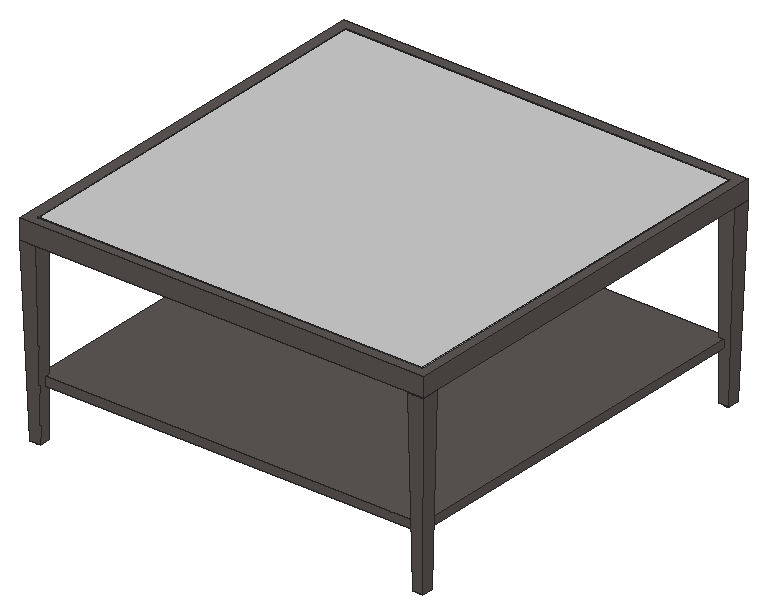
Revit family
Parameters
  URL = "http://www.martinbrattrud.com"
  Table Top [instance] = none
  SCS Certified Product = "Yes"
  Model = "Knightswood 2210-36SL"
  Manufacturer = "Martin Brattrud, Inc."
  Table Wood [instance] = none
  Leg [instance] = none
  Keynote = "125000"
  Copyright = "© 2013 Martin Brattrud, Inc."
  Authoring Version = "Revit Architecture 2010"
  Assembly Code = "E2020200"
Reference planes (in)
  plane 1 "Center Front/Back": y = 0
  plane 2: z = 0
  plane 3 "Center Left/Right": x = 0
  plane 4: z = 18
Forms (in)
  Blend 1, solid, material <- "Table Wood"
    base sketch origin (-17.2525, -7.96742, 0) x (0, 1, 0) y (-1, 0, 0)
      loop
        line (-8.59508, 0.7475) -> (-10.03258, 0.7475) -> (-10.03258, -0.69) -> (-8.59508, -0.69) -> (-8.59508, 0.7475)
    top sketch origin (-17.2525, -7.96742, 0) x (0, 1, 0) y (-1, 0, 0)
      loop
        line (-8.59508, 0.2475) -> (-9.53258, 0.2475) -> (-9.53258, -0.69) -> (-8.59508, -0.69) -> (-8.59508, 0.2475)
    from 16.25 to 0.25
  Revolve 2, solid
    sketch origin (-17.03125, -17.03125, 0) x (0, -1, 0) y (0, 0, 1)
      loop
        line (0, 0.25) -> (0, 0) -> (0.125, 0)
        arc (0.125, 0) -> (0.21339, 0.03661) -> (0.25, 0.125) r 0.125
        line (0.25, 0.125) -> (0.25, 0.25) -> (0, 0.25)
      axis (0, 0.25) -> (0, 0)
    angle from 0 to 360
  Extrusion 3, solid, material <- "Table Wood"
    sketch origin (0, 0, 0) x (1, 0, 0) y (0, 1, 0)
      loop
        line (-17, 17) -> (-17, -17) -> (17, -17) -> (17, 17) -> (-17, 17)
    from 4.75 to 5.5
  Blend 4, solid, material <- "Table Wood"
    base sketch origin (-17.2525, 7.96742, 0) x (0, -1, 0) y (1, 0, 0)
      loop
        line (-8.59508, -0.7475) -> (-8.59508, 0.69) -> (-10.03258, 0.69) -> (-10.03258, -0.7475) -> (-8.59508, -0.7475)
    top sketch origin (-17.2525, 7.96742, 0) x (0, -1, 0) y (1, 0, 0)
      loop
        line (-8.59508, -0.2475) -> (-8.59508, 0.69) -> (-9.53258, 0.69) -> (-9.53258, -0.2475) -> (-8.59508, -0.2475)
    from 16.25 to 0.25
  Blend 5, solid, material <- "Table Wood"
    base sketch origin (17.2525, -7.96742, 0) x (0, 1, 0) y (-1, 0, 0)
      loop
        line (-8.59508, -0.7475) -> (-8.59508, 0.69) -> (-10.03258, 0.69) -> (-10.03258, -0.7475) -> (-8.59508, -0.7475)
    top sketch origin (17.2525, -7.96742, 0) x (0, 1, 0) y (-1, 0, 0)
      loop
        line (-8.59508, -0.2475) -> (-8.59508, 0.69) -> (-9.53258, 0.69) -> (-9.53258, -0.2475) -> (-8.59508, -0.2475)
    from 16.25 to 0.25
  Blend 6, solid, material <- "Table Wood"
    base sketch origin (17.2525, 7.96742, 0) x (0, -1, 0) y (1, 0, 0)
      loop
        line (-8.59508, 0.7475) -> (-10.03258, 0.7475) -> (-10.03258, -0.69) -> (-8.59508, -0.69) -> (-8.59508, 0.7475)
    top sketch origin (17.2525, 7.96742, 0) x (0, -1, 0) y (1, 0, 0)
      loop
        line (-8.59508, 0.2475) -> (-9.53258, 0.2475) -> (-9.53258, -0.69) -> (-8.59508, -0.69) -> (-8.59508, 0.2475)
    from 16.25 to 0.25
  Sweep 7, solid, material <- "Table Wood"
    path origin (0, 0, 0) x (1, 0, 0) y (0, 1, 0)
      loop
        line (-18, 18) -> (-18, -18) -> (18, -18) -> (18, 18) -> (-18, 18)
    profile origin (-18, 0, 0) x (1, 0, 0) y (0, 0, 1)
      loop
        line (0, 18) -> (0, 16.3125) -> (1.375, 16.3125) -> (1.375, 17.5) -> (0.875, 17.5) -> (0.875, 18) -> (0, 18)
  Revolve 8, solid
    sketch origin (17.03125, -17.03125, 0) x (0, -1, 0) y (0, 0, 1)
      loop
        line (0, 0.25) -> (0, 0) -> (0.125, 0)
        arc (0.125, 0) -> (0.21339, 0.03661) -> (0.25, 0.125) r 0.125
        line (0.25, 0.125) -> (0.25, 0.25) -> (0, 0.25)
      axis (0, 0.25) -> (0, 0)
    angle from 0 to 360
  Revolve 9, solid
    sketch origin (-17.03125, 17.03125, 0) x (0, 1, 0) y (0, 0, 1)
      loop
        line (0, 0.25) -> (0, 0) -> (0.125, 0)
        arc (0.125, 0) -> (0.21339, 0.03661) -> (0.25, 0.125) r 0.125
        line (0.25, 0.125) -> (0.25, 0.25) -> (0, 0.25)
      axis (0, 0.25) -> (0, 0)
    angle from 0 to 360
  Revolve 10, solid
    sketch origin (17.03125, 17.03125, 0) x (0, 1, 0) y (0, 0, -1)
      loop
        line (0, -0.25) -> (0.25, -0.25) -> (0.25, -0.125)
        arc (0.25, -0.125) -> (0.21339, -0.03661) -> (0.125, 0) r 0.125
        line (0.125, 0) -> (0, 0) -> (0, -0.25)
      axis (0, -0.25) -> (0, 0)
    angle from 0 to 360
  Extrusion 11, solid, material <- "Table Top"
    sketch origin (0, 0, -4) x (1, 0, 0) y (0, 1, 0)
      loop
        line (-17.09375, 17.09375) -> (-17.09375, -17.09375) -> (17.09375, -17.09375) -> (17.09375, 17.09375) -> (-17.09375, 17.09375)
    from 21.5 to 22
  Extrusion 12, solid, material <- "Table Wood"
    sketch origin (-0.065, 0, -4) x (1, 0, 0) y (0, 1, 0)
      loop
        line (-16.4975, 16.5625) -> (-16.4975, 17.875) -> (-17.81, 17.875) -> (-17.81, 16.5625) -> (-16.4975, 16.5625)
      loop
        line (16.6275, 16.5625) -> (17.94, 16.5625) -> (17.94, 17.875) -> (16.6275, 17.875) -> (16.6275, 16.5625)
      loop
        line (-16.4975, -16.5625) -> (-17.81, -16.5625) -> (-17.81, -17.875) -> (-16.4975, -17.875) -> (-16.4975, -16.5625)
      loop
        line (16.6275, -16.5625) -> (16.6275, -17.875) -> (17.94, -17.875) -> (17.94, -16.5625) -> (16.6275, -16.5625)
    from 20.25 to 20.3125
